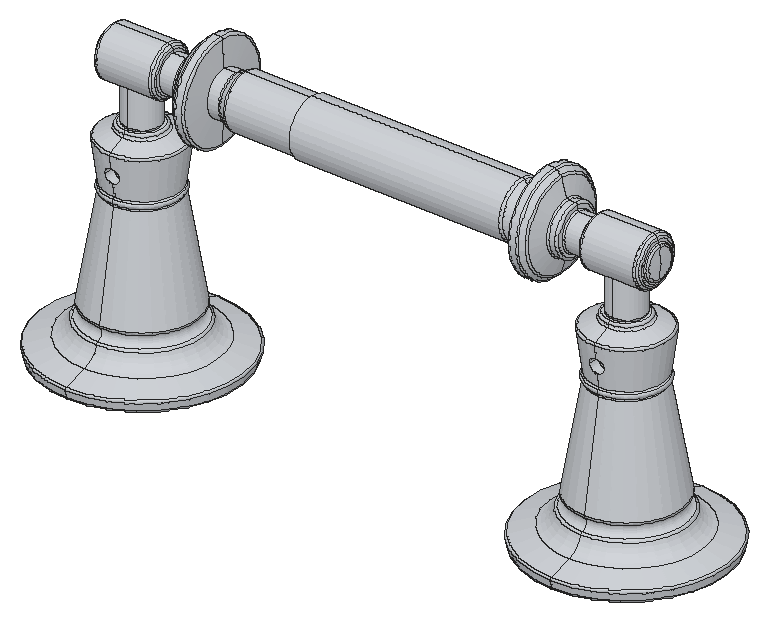
Revit family "Accessory-Tissue_Holder-KOHLER-Archer-K-11054", category Specialty Equipment, host Face, Revit 2015
Parameters (values of type "CP-Polished Chrome")
  Width = 4 1/2"  # constant formula
  URL = "https://www.us.kohler.com/us/"
  Type = 1
  Product Page URL = "http://www.us.kohler.com/us/catalog/productDetails.jsp?productNumber=11054"
  Product Name = "Archer"  # constant formula
  Product Documentation Link = "http://www.us.kohler.com/onlinecatalog/pdf/K-11054_spec.pdf"
  Model = if(Type = 1, "K-11054-CP", if(Type = 2, "K-11054-BN", "NA"))  # "K-11054-CP"
  Material = "Premium Metal Construction"  # constant formula
  MasterFormat 2004 = "10.28.13"  # constant formula
  MasterFormat 1995 = "10820"  # constant formula
  Manufacturer Address = "444 Highland Dr, Kohler, WI 53044"  # constant formula
  Manufacturer = "KOHLER Co."  # constant formula
  Length = 9 3/4"  # constant formula
  Height = 2 3/4"  # constant formula
  Finish = Kohler-Metal-CP-Polished_Chrome
  Environmental Product Declaration = ""
  Description = "Horizontal toilet tissue holder"  # constant formula
  Default Elevation = 42"
  Declare Label = ""
  Date Modified = "11/16/2018"  # constant formula
  Date Created = "11/16/2018"  # constant formula
  Copyright = "Copyright KOHLER Co."  # constant formula
  Contact Us = "https://www.us.kohler.com/us/static/contact.jsp"
  Assembly Code = "C1030200"
  ADA Compliant = 1 = 0  # no
Types (3): name | Type | Model | Finish
  (no name) | 1 | "K-11054-CP" | Kohler-Metal-CP-Polished_Chrome
  CP-Polished Chrome | 1 | "K-11054-CP" | Kohler-Metal-CP-Polished_Chrome
  BN-Vibrant Brushed Nickel | 2 | "K-11054-BN" | Kohler-Metal-BN-Vibrant_Brushed_Nickel
Reference planes (in)
  plane 1 "Center (Front/Back)": y = 0
  plane 2: z = 0
  plane 3 "Center (Left/Right)": x = 0
  plane 4: y = 1.375
  plane 5: y = -1.375
  plane 6: x = -4.875
  plane 7: x = 4.875
  plane 8: z = 4.5
Dimensions and locks (in)
  "Height": plane 4 to plane 5
  "Length": plane 6 to plane 7
  "Width": level to plane 8
  aligned and locked: plane 2 to host face
  aligned and locked: level to host face
  aligned and locked: plane 7 to nested 1
Automatic sketch dimensions
  host sketch curve to host sketch curve = 96"  (x2)
Nested families (in)
  nested 1: "K-11054" at (0, 0, 0), type "K-11054"
Definition of nested family "K-11054"
  Parameters (values of type "K-11054")
    Material = none
  Reference planes (in)
    plane 1 "Center (Front/Back)": y = 0
    plane 2: z = 0
    plane 3 "Center (Left/Right)": x = 0
    plane 4: x = -3.5
    plane 5: x = -4.875
    plane 6: x = 3.5
    plane 7: x = 4.875
    plane 8: y = 1.375
    plane 9: z = 4.5
    plane 10: y = -1.375
    plane 11: x = -2.125
  Forms (in)
    Revolve 1, solid, material <- "Material", detail levels medium+fine
      sketch origin (-3.5, 0, 0) x (0, 1, 0) y (0, 0, 1)
        loop
          line (0, 3.5815) -> (0, 0) -> (1.32649, 0)
          arc (1.32649, 0) -> (1.34107, 0.00507) -> (1.34935, 0.0181) r 0.02349
          line (1.34935, 0.0181) -> (1.37424, 0.12364)
          arc (1.37424, 0.12364) -> (1.37131, 0.14389) -> (1.35535, 0.1567) r 0.02791
          line (1.35535, 0.1567) -> (1.0311, 0.25736)
          arc (1.0311, 0.25736) -> (0.89855, 0.33778) -> (0.81929, 0.47103) r 0.32037
          arc (0.81929, 0.47103) -> (0.80794, 0.49037) -> (0.78897, 0.50232) r 0.04741
          arc (0.78897, 0.50232) -> (0.72523, 0.57049) -> (0.74729, 0.66116) r 0.09818
          arc (0.74729, 0.66116) -> (0.75485, 0.67479) -> (0.75567, 0.69036) r 0.03463
          line (0.75567, 0.69036) -> (0.50202, 2.1289)
          arc (0.50202, 2.1289) -> (0.50369, 2.14506) -> (0.51361, 2.15791) r 0.02965
          arc (0.51361, 2.15791) -> (0.52873, 2.18832) -> (0.51285, 2.21835) r 0.03721
          arc (0.51285, 2.21835) -> (0.50224, 2.23131) -> (0.49998, 2.2479) r 0.03083
          line (0.49998, 2.2479) -> (0.57938, 2.81283)
          arc (0.57938, 2.81283) -> (0.57588, 2.83128) -> (0.56187, 2.84378) r 0.0292
          line (0.56187, 2.84378) -> (0.33809, 2.93877)
          arc (0.33809, 2.93877) -> (0.32141, 2.9539) -> (0.31774, 2.97613) r 0.03423
          arc (0.31774, 2.97613) -> (0.31135, 2.99981) -> (0.28911, 3.01016) r 0.02906
          line (0.28911, 3.01016) -> (0.22948, 3.01016)
          arc (0.22948, 3.01016) -> (0.24399, 3.01617) -> (0.25, 3.03068) r 0.02052
          line (0.25, 3.03068) -> (0.25, 3.5815) -> (0, 3.5815)
        axis (0, 3.5815) -> (0, 0)
      angle from 0 to 360
    Revolve 2, solid, material <- "Material", detail levels medium+fine
      sketch origin (3.5, 0, 0) x (0, 1, 0) y (0, 0, -1)
        loop
          line (0, -3.66021) -> (0.25, -3.66021) -> (0.25, -3.03068)
          arc (0.25, -3.03068) -> (0.24399, -3.01617) -> (0.22948, -3.01016) r 0.02052
          line (0.22948, -3.01016) -> (0.28911, -3.01016)
          arc (0.28911, -3.01016) -> (0.31135, -2.99981) -> (0.31774, -2.97613) r 0.02906
          arc (0.31774, -2.97613) -> (0.32141, -2.9539) -> (0.33809, -2.93877) r 0.03423
          line (0.33809, -2.93877) -> (0.56187, -2.84378)
          arc (0.56187, -2.84378) -> (0.57588, -2.83128) -> (0.57938, -2.81283) r 0.0292
          line (0.57938, -2.81283) -> (0.49998, -2.2479)
          arc (0.49998, -2.2479) -> (0.50224, -2.23131) -> (0.51285, -2.21835) r 0.03083
          arc (0.51285, -2.21835) -> (0.52873, -2.18832) -> (0.51361, -2.15791) r 0.03721
          arc (0.51361, -2.15791) -> (0.50369, -2.14506) -> (0.50202, -2.1289) r 0.02965
          line (0.50202, -2.1289) -> (0.75567, -0.69036)
          arc (0.75567, -0.69036) -> (0.75485, -0.67479) -> (0.74729, -0.66116) r 0.03463
          arc (0.74729, -0.66116) -> (0.72523, -0.57049) -> (0.78897, -0.50232) r 0.09818
          arc (0.78897, -0.50232) -> (0.80794, -0.49037) -> (0.81929, -0.47103) r 0.04741
          arc (0.81929, -0.47103) -> (0.89855, -0.33778) -> (1.0311, -0.25736) r 0.32037
          line (1.0311, -0.25736) -> (1.35535, -0.1567)
          arc (1.35535, -0.1567) -> (1.37131, -0.14389) -> (1.37424, -0.12364) r 0.02791
          line (1.37424, -0.12364) -> (1.34935, -0.0181)
          arc (1.34935, -0.0181) -> (1.34107, -0.00507) -> (1.32649, 0) r 0.02349
          line (1.32649, 0) -> (0, 0) -> (0, -3.66021)
        axis (0, -3.66021) -> (0, 0)
      angle from 0 to 360
    Revolve 3, solid, material <- "Material", detail levels medium+fine
      sketch origin (0, 0, 0) x (1, 0, 0) y (0, 0, 1)
        loop
          line (-3.99249, 3.79756) -> (3.99249, 3.79756)
          arc (3.99249, 3.79756) -> (3.99033, 3.89988) -> (3.98351, 4.002) r 2.24284
          arc (3.98351, 4.002) -> (3.97725, 4.01709) -> (3.96351, 4.02592) r 0.02734
          arc (3.96351, 4.02592) -> (3.94924, 4.03555) -> (3.94373, 4.05186) r 0.0269
          line (3.94373, 4.05186) -> (3.94373, 4.08281)
          arc (3.94373, 4.08281) -> (3.94085, 4.09819) -> (3.93259, 4.11149) r 0.04248
          line (3.93259, 4.11149) -> (3.90693, 4.13953)
          arc (3.90693, 4.13953) -> (3.8935, 4.14916) -> (3.87733, 4.15256) r 0.04012
          line (3.87733, 4.15256) -> (3.12267, 4.15256)
          arc (3.12267, 4.15256) -> (3.1065, 4.14916) -> (3.09307, 4.13953) r 0.04012
          line (3.09307, 4.13953) -> (3.06741, 4.11149)
          arc (3.06741, 4.11149) -> (3.05915, 4.09819) -> (3.05627, 4.08281) r 0.04248
          line (3.05627, 4.08281) -> (3.05627, 4.05196) -> (2.80258, 4.05196)
          arc (2.80258, 4.05196) -> (2.78804, 4.05799) -> (2.78202, 4.07252) r 0.02056
          line (2.78202, 4.07252) -> (2.78202, 4.12252)
          arc (2.78202, 4.12252) -> (2.77323, 4.14375) -> (2.752, 4.15255) r 0.03002
          line (2.752, 4.15255) -> (2.66239, 4.15255)
          arc (2.66239, 4.15255) -> (2.64597, 4.15799) -> (2.63606, 4.17218) r 0.02747
          line (2.63606, 4.17218) -> (2.5668, 4.40497)
          arc (2.5668, 4.40497) -> (2.55958, 4.42093) -> (2.54834, 4.43436) r 0.06473
          line (2.54834, 4.43436) -> (2.48878, 4.48863)
          arc (2.48878, 4.48863) -> (2.47515, 4.49706) -> (2.4594, 4.5) r 0.04362
          line (2.4594, 4.5) -> (2.36551, 4.5)
          arc (2.36551, 4.5) -> (2.34731, 4.49283) -> (2.33889, 4.47518) r 0.02668
          line (2.33889, 4.47518) -> (2.31401, 4.11934) -> (2.14959, 4.11934)
          arc (2.14959, 4.11934) -> (2.12769, 4.12275) -> (2.10787, 4.13265) r 0.07203
          line (2.10787, 4.13265) -> (2.02385, 4.19235)
          arc (2.02385, 4.19235) -> (2.00432, 4.2021) -> (1.98275, 4.20546) r 0.07095
          line (1.98275, 4.20546) -> (-1.04205, 4.20546) -> (-1.04205, 4.17461) -> (-1.99685, 4.17461)
          arc (-1.99685, 4.17461) -> (-2.01377, 4.17253) -> (-2.02968, 4.16642) r 0.06993
          line (-2.02968, 4.16642) -> (-2.11529, 4.12091)
          arc (-2.11529, 4.12091) -> (-2.13044, 4.11509) -> (-2.14655, 4.11311) r 0.06658
          line (-2.14655, 4.11311) -> (-2.31357, 4.11311) -> (-2.33885, 4.47456)
          arc (-2.33885, 4.47456) -> (-2.34748, 4.49265) -> (-2.36612, 4.5) r 0.02734
          line (-2.36612, 4.5) -> (-2.4594, 4.5)
          arc (-2.4594, 4.5) -> (-2.47515, 4.49706) -> (-2.48878, 4.48863) r 0.04362
          line (-2.48878, 4.48863) -> (-2.54834, 4.43436)
          arc (-2.54834, 4.43436) -> (-2.55958, 4.42093) -> (-2.5668, 4.40497) r 0.06473
          line (-2.5668, 4.40497) -> (-2.63606, 4.17218)
          arc (-2.63606, 4.17218) -> (-2.64597, 4.15799) -> (-2.66239, 4.15255) r 0.02747
          line (-2.66239, 4.15255) -> (-2.752, 4.15255)
          arc (-2.752, 4.15255) -> (-2.77323, 4.14375) -> (-2.78202, 4.12252) r 0.03002
          line (-2.78202, 4.12252) -> (-2.78202, 4.07252)
          arc (-2.78202, 4.07252) -> (-2.78804, 4.05799) -> (-2.80258, 4.05196) r 0.02056
          line (-2.80258, 4.05196) -> (-3.05627, 4.05196) -> (-3.05627, 4.08281)
          arc (-3.05627, 4.08281) -> (-3.05915, 4.09819) -> (-3.06741, 4.11149) r 0.04248
          line (-3.06741, 4.11149) -> (-3.09307, 4.13953)
          arc (-3.09307, 4.13953) -> (-3.1065, 4.14916) -> (-3.12267, 4.15256) r 0.04012
          line (-3.12267, 4.15256) -> (-3.87733, 4.15256)
          arc (-3.87733, 4.15256) -> (-3.8935, 4.14916) -> (-3.90693, 4.13953) r 0.04012
          line (-3.90693, 4.13953) -> (-3.93188, 4.11227)
          arc (-3.93188, 4.11227) -> (-3.94014, 4.09897) -> (-3.94302, 4.08359) r 0.04248
          line (-3.94302, 4.08359) -> (-3.94302, 4.05241)
          arc (-3.94302, 4.05241) -> (-3.94864, 4.03579) -> (-3.9632, 4.02602) r 0.02734
          arc (-3.9632, 4.02602) -> (-3.97717, 4.01708) -> (-3.98353, 4.00177) r 0.02768
          arc (-3.98353, 4.00177) -> (-3.99033, 3.89977) -> (-3.99249, 3.79756) r 2.24284
        axis (-3.99249, 3.79756) -> (3.99249, 3.79756)
      angle from 0 to 360
    Extrusion 4, void
      sketch origin (0, 0, 0) x (1, 0, 0) y (0, 0, 1)
        loop
          circle (-3.5, 2.53238) r 0.10661
        loop
          circle (3.5, 2.53238) r 0.10661
      from 0.38134 to 1.0154
    Revolve 5, solid, material <- "Material", detail levels coarse
      sketch origin (0, 0, 0) x (1, 0, 0) y (0, 0, 1)
        loop
          line (-3.5, 0) -> (-3.5, 3.70845) -> (-3.91151, 3.70845) -> (-3.91151, 0.1567) -> (-4.85537, 0.1567) -> (-4.85537, 0) -> (-3.5, 0)
        axis (-3.5, 3.70845) -> (-3.5, 0)
      angle from 0 to 360
    Revolve 6, solid, material <- "Material", detail levels coarse
      sketch origin (0, 0, 0) x (1, 0, 0) y (0, 0, 1)
        loop
          line (-4.002, 3.79756) -> (4.002, 3.79756) -> (4.002, 4.22286) -> (2.752, 4.22286) -> (2.752, 4.5) -> (2.29664, 4.5) -> (2.29664, 4.20546) -> (-2.29664, 4.20546) -> (-2.29664, 4.5) -> (-2.752, 4.5) -> (-2.752, 4.22286) -> (-4.002, 4.22286) -> (-4.002, 3.79756)
        axis (-4.002, 3.79756) -> (4.002, 3.79756)
      angle from 0 to 360
    Revolve 7, solid, material <- "Material", detail levels coarse
      sketch origin (0, 0, 0) x (-1, 0, 0) y (0, 0, 1)
        loop
          line (-3.5, 0) -> (-3.5, 3.70845) -> (-3.91151, 3.70845) -> (-3.91151, 0.1567) -> (-4.85537, 0.1567) -> (-4.85537, 0) -> (-3.5, 0)
        axis (-3.5, 3.70845) -> (-3.5, 0)
      angle from 0 to 360
  Cuts and joins
    Extrusion 4 cuts Revolve 1
    Extrusion 4 cuts Revolve 2
    joined: Revolve 1, Revolve 2, Revolve 3
    joined: Revolve 5, Revolve 6, Revolve 7
  Lines and regions (in)
    Masking region 1
      outline origin (0, 0, 0) x (1, 0, 0) y (0, 1, 0)
        loop
          arc (-4.875, 0) -> (-4.47227, -0.97227) -> (-3.5, -1.375) r 1.375
          arc (-3.5, -1.375) -> (-2.65641, -1.08581) -> (-2.16767, -0.33989) r 1.375
          arc (-2.16767, -0.33989) -> (-2.14977, -0.31873) -> (-2.12207, -0.31974) r 0.0317
          line (-2.12207, -0.31974) -> (-2.0298, -0.3688)
          arc (-2.0298, -0.3688) -> (-2.01377, -0.37495) -> (-1.99672, -0.37705) r 0.07046
          line (-1.99672, -0.37705) -> (-1.04205, -0.37705) -> (-1.04205, -0.4079) -> (1.97679, -0.4079)
          arc (1.97679, -0.4079) -> (2.00325, -0.40383) -> (2.02725, -0.39199) r 0.08798
          line (2.02725, -0.39199) -> (2.11762, -0.32871)
          arc (2.11762, -0.32871) -> (2.14868, -0.32467) -> (2.16973, -0.34785) r 0.03381
          arc (2.16973, -0.34785) -> (2.65966, -1.08833) -> (3.5, -1.375) r 1.375
          arc (3.5, -1.375) -> (4.47227, -0.97227) -> (4.875, 0) r 1.375
          arc (4.875, 0) -> (4.47227, 0.97227) -> (3.5, 1.375) r 1.375
          arc (3.5, 1.375) -> (2.65966, 1.08833) -> (2.16973, 0.34785) r 1.375
          arc (2.16973, 0.34785) -> (2.14868, 0.32467) -> (2.11762, 0.32871) r 0.03381
          line (2.11762, 0.32871) -> (2.02725, 0.39199)
          arc (2.02725, 0.39199) -> (2.00325, 0.40383) -> (1.97679, 0.4079) r 0.08798
          line (1.97679, 0.4079) -> (-1.04205, 0.4079) -> (-1.04205, 0.37705) -> (-1.99672, 0.37705)
          arc (-1.99672, 0.37705) -> (-2.01377, 0.37495) -> (-2.0298, 0.3688) r 0.07046
          line (-2.0298, 0.3688) -> (-2.12207, 0.31974)
          arc (-2.12207, 0.31974) -> (-2.14977, 0.31873) -> (-2.16767, 0.33989) r 0.0317
          arc (-2.16767, 0.33989) -> (-2.65641, 1.08581) -> (-3.5, 1.375) r 1.375
          arc (-3.5, 1.375) -> (-4.47227, 0.97227) -> (-4.875, 0) r 1.375
    Masking region 2
      outline origin (0, 0, 0) x (0, 1, 0) y (0, 0, 1)
        loop
          arc (1.32649, 0) -> (1.34112, 0.00512) -> (1.34938, 0.01824) r 0.02349
          line (1.34938, 0.01824) -> (1.375, 0.12991)
          arc (1.375, 0.12991) -> (1.37019, 0.14698) -> (1.35535, 0.1567) r 0.02529
          line (1.35535, 0.1567) -> (1.0311, 0.25736)
          arc (1.0311, 0.25736) -> (0.89855, 0.33778) -> (0.81929, 0.47103) r 0.32037
          arc (0.81929, 0.47103) -> (0.80794, 0.49037) -> (0.78897, 0.50232) r 0.04741
          arc (0.78897, 0.50232) -> (0.72523, 0.57049) -> (0.74729, 0.66116) r 0.09818
          arc (0.74729, 0.66116) -> (0.75485, 0.67479) -> (0.75567, 0.69036) r 0.03463
          line (0.75567, 0.69036) -> (0.50202, 2.1289)
          arc (0.50202, 2.1289) -> (0.50369, 2.14506) -> (0.51361, 2.15791) r 0.02965
          arc (0.51361, 2.15791) -> (0.52873, 2.18832) -> (0.51285, 2.21835) r 0.03721
          arc (0.51285, 2.21835) -> (0.50224, 2.23131) -> (0.49998, 2.2479) r 0.03083
          line (0.49998, 2.2479) -> (0.57938, 2.81283)
          arc (0.57938, 2.81283) -> (0.57588, 2.83128) -> (0.56187, 2.84378) r 0.0292
          line (0.56187, 2.84378) -> (0.33809, 2.93877)
          arc (0.33809, 2.93877) -> (0.32141, 2.9539) -> (0.31774, 2.97613) r 0.03423
          arc (0.31774, 2.97613) -> (0.31135, 2.99981) -> (0.28911, 3.01016) r 0.02906
          line (0.28911, 3.01016) -> (0.22948, 3.01016)
          arc (0.22948, 3.01016) -> (0.24399, 3.01617) -> (0.25, 3.03068) r 0.02052
          line (0.25, 3.03068) -> (0.25, 3.1412)
          arc (0.25, 3.1412) -> (0.69081, 3.9247) -> (0, 4.5) r 0.7024
          arc (0, 4.5) -> (-0.69081, 3.9247) -> (-0.25, 3.1412) r 0.7024
          line (-0.25, 3.1412) -> (-0.25, 3.03068)
          arc (-0.25, 3.03068) -> (-0.24399, 3.01617) -> (-0.22948, 3.01016) r 0.02052
          line (-0.22948, 3.01016) -> (-0.28911, 3.01016)
          arc (-0.28911, 3.01016) -> (-0.31135, 2.99981) -> (-0.31774, 2.97613) r 0.02906
          arc (-0.31774, 2.97613) -> (-0.32141, 2.9539) -> (-0.33809, 2.93877) r 0.03423
          line (-0.33809, 2.93877) -> (-0.56187, 2.84378)
          arc (-0.56187, 2.84378) -> (-0.57588, 2.83128) -> (-0.57938, 2.81283) r 0.0292
          line (-0.57938, 2.81283) -> (-0.49998, 2.2479)
          arc (-0.49998, 2.2479) -> (-0.50224, 2.23131) -> (-0.51285, 2.21835) r 0.03083
          arc (-0.51285, 2.21835) -> (-0.52873, 2.18832) -> (-0.51361, 2.15791) r 0.03721
          arc (-0.51361, 2.15791) -> (-0.50369, 2.14506) -> (-0.50202, 2.1289) r 0.02965
          line (-0.50202, 2.1289) -> (-0.75567, 0.69036)
          arc (-0.75567, 0.69036) -> (-0.75485, 0.67479) -> (-0.74729, 0.66116) r 0.03463
          arc (-0.74729, 0.66116) -> (-0.72523, 0.57049) -> (-0.78897, 0.50232) r 0.09818
          arc (-0.78897, 0.50232) -> (-0.80794, 0.49037) -> (-0.81929, 0.47103) r 0.04741
          arc (-0.81929, 0.47103) -> (-0.89855, 0.33778) -> (-1.0311, 0.25736) r 0.32037
          line (-1.0311, 0.25736) -> (-1.35535, 0.1567)
          arc (-1.35535, 0.1567) -> (-1.37019, 0.14698) -> (-1.375, 0.12991) r 0.02529
          line (-1.375, 0.12991) -> (-1.34938, 0.01824)
          arc (-1.34938, 0.01824) -> (-1.34112, 0.00512) -> (-1.32649, 0) r 0.02349
          line (-1.32649, 0) -> (1.32649, 0)
    Masking region 3
      outline origin (0, 0, 0) x (1, 0, 0) y (0, 0, 1)
        loop
          line (-4.8265, 0) -> (-2.1735, 0)
          arc (-2.1735, 0) -> (-2.15892, 0.00507) -> (-2.15064, 0.0181) r 0.02349
          line (-2.15064, 0.0181) -> (-2.125, 0.13157)
          arc (-2.125, 0.13157) -> (-2.13088, 0.1472) -> (-2.14463, 0.1567) r 0.02797
          line (-2.14463, 0.1567) -> (-2.46888, 0.25736)
          arc (-2.46888, 0.25736) -> (-2.60143, 0.33778) -> (-2.68069, 0.47103) r 0.32037
          arc (-2.68069, 0.47103) -> (-2.69205, 0.49037) -> (-2.71102, 0.50232) r 0.04741
          arc (-2.71102, 0.50232) -> (-2.77475, 0.57049) -> (-2.7527, 0.66116) r 0.09818
          arc (-2.7527, 0.66116) -> (-2.74513, 0.67479) -> (-2.74431, 0.69036) r 0.03463
          line (-2.74431, 0.69036) -> (-2.99797, 2.1289)
          arc (-2.99797, 2.1289) -> (-2.9963, 2.14506) -> (-2.98637, 2.15791) r 0.02965
          arc (-2.98637, 2.15791) -> (-2.97126, 2.18832) -> (-2.98714, 2.21835) r 0.03721
          arc (-2.98714, 2.21835) -> (-2.99774, 2.23131) -> (-3, 2.2479) r 0.03083
          line (-3, 2.2479) -> (-2.92061, 2.81283)
          arc (-2.92061, 2.81283) -> (-2.92411, 2.83128) -> (-2.93812, 2.84378) r 0.0292
          line (-2.93812, 2.84378) -> (-3.1619, 2.93877)
          arc (-3.1619, 2.93877) -> (-3.17858, 2.9539) -> (-3.18224, 2.97613) r 0.03423
          arc (-3.18224, 2.97613) -> (-3.18864, 2.99981) -> (-3.21088, 3.01016) r 0.02906
          line (-3.21088, 3.01016) -> (-3.2705, 3.01016)
          arc (-3.2705, 3.01016) -> (-3.25599, 3.01617) -> (-3.24998, 3.03068) r 0.02052
          line (-3.24998, 3.03068) -> (-3.24998, 3.44256) -> (-3.12267, 3.44256)
          arc (-3.12267, 3.44256) -> (-3.10649, 3.44597) -> (-3.09307, 3.4556) r 0.04012
          line (-3.09307, 3.4556) -> (-3.0674, 3.48364)
          arc (-3.0674, 3.48364) -> (-3.05915, 3.49694) -> (-3.05626, 3.51232) r 0.04248
          line (-3.05626, 3.51232) -> (-3.05626, 3.54316) -> (-2.80257, 3.54316)
          arc (-2.80257, 3.54316) -> (-2.78804, 3.53714) -> (-2.78202, 3.52261) r 0.02056
          line (-2.78202, 3.52261) -> (-2.78202, 3.4726)
          arc (-2.78202, 3.4726) -> (-2.77322, 3.45138) -> (-2.752, 3.44258) r 0.03002
          line (-2.752, 3.44258) -> (-2.66238, 3.44258)
          arc (-2.66238, 3.44258) -> (-2.64596, 3.43713) -> (-2.63606, 3.42295) r 0.02747
          line (-2.63606, 3.42295) -> (-2.56679, 3.19015)
          arc (-2.56679, 3.19015) -> (-2.55957, 3.1742) -> (-2.54834, 3.16076) r 0.06473
          line (-2.54834, 3.16076) -> (-2.48877, 3.1065)
          arc (-2.48877, 3.1065) -> (-2.47515, 3.09807) -> (-2.4594, 3.09513) r 0.04362
          line (-2.4594, 3.09513) -> (-2.36612, 3.09513)
          arc (-2.36612, 3.09513) -> (-2.34747, 3.10247) -> (-2.33884, 3.12056) r 0.02734
          line (-2.33884, 3.12056) -> (-2.31357, 3.48201) -> (-2.14654, 3.48201)
          arc (-2.14654, 3.48201) -> (-2.13043, 3.48004) -> (-2.11528, 3.47422) r 0.06658
          line (-2.11528, 3.47422) -> (-2.02968, 3.4287)
          arc (-2.02968, 3.4287) -> (-2.01377, 3.42259) -> (-1.99685, 3.42052) r 0.06993
          line (-1.99685, 3.42052) -> (-1.04205, 3.42052) -> (-1.04205, 3.38967) -> (1.98276, 3.38967)
          arc (1.98276, 3.38967) -> (2.00432, 3.39302) -> (2.02385, 3.40278) r 0.07095
          line (2.02385, 3.40278) -> (2.10787, 3.46248)
          arc (2.10787, 3.46248) -> (2.12769, 3.47238) -> (2.14959, 3.47579) r 0.07203
          line (2.14959, 3.47579) -> (2.31401, 3.47579) -> (2.33889, 3.11995)
          arc (2.33889, 3.11995) -> (2.34731, 3.1023) -> (2.36551, 3.09513) r 0.02668
          line (2.36551, 3.09513) -> (2.4594, 3.09513)
          arc (2.4594, 3.09513) -> (2.47515, 3.09807) -> (2.48878, 3.1065) r 0.04362
          line (2.48878, 3.1065) -> (2.54835, 3.16076)
          arc (2.54835, 3.16076) -> (2.55958, 3.1742) -> (2.5668, 3.19015) r 0.06473
          line (2.5668, 3.19015) -> (2.63607, 3.42295)
          arc (2.63607, 3.42295) -> (2.64597, 3.43713) -> (2.66239, 3.44258) r 0.02747
          line (2.66239, 3.44258) -> (2.752, 3.44258)
          arc (2.752, 3.44258) -> (2.77323, 3.45138) -> (2.78202, 3.4726) r 0.03002
          line (2.78202, 3.4726) -> (2.78202, 3.52261)
          arc (2.78202, 3.52261) -> (2.78804, 3.53714) -> (2.80258, 3.54316) r 0.02056
          line (2.80258, 3.54316) -> (3.05627, 3.54316) -> (3.05627, 3.51232)
          arc (3.05627, 3.51232) -> (3.05915, 3.49694) -> (3.06741, 3.48364) r 0.04248
          line (3.06741, 3.48364) -> (3.09307, 3.4556)
          arc (3.09307, 3.4556) -> (3.1065, 3.44597) -> (3.12267, 3.44256) r 0.04012
          line (3.12267, 3.44256) -> (3.24998, 3.44256) -> (3.24998, 3.03068)
          arc (3.24998, 3.03068) -> (3.25599, 3.01617) -> (3.2705, 3.01016) r 0.02052
          line (3.2705, 3.01016) -> (3.21088, 3.01016)
          arc (3.21088, 3.01016) -> (3.18864, 2.99981) -> (3.18224, 2.97613) r 0.02906
          arc (3.18224, 2.97613) -> (3.17858, 2.9539) -> (3.1619, 2.93877) r 0.03423
          line (3.1619, 2.93877) -> (2.93812, 2.84378)
          arc (2.93812, 2.84378) -> (2.92411, 2.83128) -> (2.92061, 2.81283) r 0.0292
          line (2.92061, 2.81283) -> (3, 2.2479)
          arc (3, 2.2479) -> (2.99774, 2.23131) -> (2.98714, 2.21835) r 0.03083
          arc (2.98714, 2.21835) -> (2.97126, 2.18832) -> (2.98637, 2.15791) r 0.03721
          arc (2.98637, 2.15791) -> (2.9963, 2.14506) -> (2.99797, 2.1289) r 0.02965
          line (2.99797, 2.1289) -> (2.74431, 0.69036)
          arc (2.74431, 0.69036) -> (2.74513, 0.67479) -> (2.7527, 0.66116) r 0.03463
          arc (2.7527, 0.66116) -> (2.77475, 0.57049) -> (2.71102, 0.50232) r 0.09818
          arc (2.71102, 0.50232) -> (2.69205, 0.49037) -> (2.68069, 0.47103) r 0.04741
          arc (2.68069, 0.47103) -> (2.60143, 0.33778) -> (2.46888, 0.25736) r 0.32037
          line (2.46888, 0.25736) -> (2.14463, 0.1567)
          arc (2.14463, 0.1567) -> (2.13088, 0.1472) -> (2.125, 0.13157) r 0.02797
          line (2.125, 0.13157) -> (2.15064, 0.0181)
          arc (2.15064, 0.0181) -> (2.15892, 0.00507) -> (2.1735, 0) r 0.02349
          line (2.1735, 0) -> (4.8265, 0)
          arc (4.8265, 0) -> (4.84108, 0.00507) -> (4.84936, 0.0181) r 0.02349
          line (4.84936, 0.0181) -> (4.875, 0.13157)
          arc (4.875, 0.13157) -> (4.86912, 0.1472) -> (4.85537, 0.1567) r 0.02797
          line (4.85537, 0.1567) -> (4.53112, 0.25736)
          arc (4.53112, 0.25736) -> (4.39857, 0.33778) -> (4.31931, 0.47103) r 0.32037
          arc (4.31931, 0.47103) -> (4.30795, 0.49037) -> (4.28898, 0.50232) r 0.04741
          arc (4.28898, 0.50232) -> (4.22525, 0.57049) -> (4.2473, 0.66116) r 0.09818
          arc (4.2473, 0.66116) -> (4.25487, 0.67479) -> (4.25569, 0.69036) r 0.03463
          line (4.25569, 0.69036) -> (4.00203, 2.1289)
          arc (4.00203, 2.1289) -> (4.0037, 2.14506) -> (4.01363, 2.15791) r 0.02965
          arc (4.01363, 2.15791) -> (4.02874, 2.18832) -> (4.01286, 2.21835) r 0.03721
          arc (4.01286, 2.21835) -> (4.00226, 2.23131) -> (4, 2.2479) r 0.03083
          line (4, 2.2479) -> (4.07939, 2.81283)
          arc (4.07939, 2.81283) -> (4.07589, 2.83128) -> (4.06188, 2.84378) r 0.0292
          line (4.06188, 2.84378) -> (3.8381, 2.93877)
          arc (3.8381, 2.93877) -> (3.82142, 2.9539) -> (3.81776, 2.97613) r 0.03423
          arc (3.81776, 2.97613) -> (3.81136, 2.99981) -> (3.78912, 3.01016) r 0.02906
          line (3.78912, 3.01016) -> (3.7295, 3.01016)
          arc (3.7295, 3.01016) -> (3.74401, 3.01617) -> (3.75002, 3.03068) r 0.02052
          line (3.75002, 3.03068) -> (3.75002, 3.44256) -> (3.87733, 3.44256)
          arc (3.87733, 3.44256) -> (3.89351, 3.44597) -> (3.90693, 3.4556) r 0.04012
          line (3.90693, 3.4556) -> (3.9326, 3.48364)
          arc (3.9326, 3.48364) -> (3.94085, 3.49694) -> (3.94374, 3.51232) r 0.04248
          line (3.94374, 3.51232) -> (3.94374, 3.54326)
          arc (3.94374, 3.54326) -> (3.94925, 3.55957) -> (3.96352, 3.56921) r 0.0269
          arc (3.96352, 3.56921) -> (3.97726, 3.57804) -> (3.98351, 3.59313) r 0.02734
          arc (3.98351, 3.59313) -> (3.99033, 3.69524) -> (3.99249, 3.79756) r 2.24284
          arc (3.99249, 3.79756) -> (3.99033, 3.89988) -> (3.98351, 4.002) r 2.24284
          arc (3.98351, 4.002) -> (3.97726, 4.01709) -> (3.96352, 4.02592) r 0.02734
          arc (3.96352, 4.02592) -> (3.94925, 4.03555) -> (3.94374, 4.05186) r 0.0269
          line (3.94374, 4.05186) -> (3.94374, 4.08281)
          arc (3.94374, 4.08281) -> (3.94085, 4.09819) -> (3.9326, 4.11149) r 0.04248
          line (3.9326, 4.11149) -> (3.90693, 4.13953)
          arc (3.90693, 4.13953) -> (3.89351, 4.14916) -> (3.87733, 4.15256) r 0.04012
          line (3.87733, 4.15256) -> (3.12267, 4.15256)
          arc (3.12267, 4.15256) -> (3.1065, 4.14916) -> (3.09307, 4.13953) r 0.04012
          line (3.09307, 4.13953) -> (3.06741, 4.11149)
          arc (3.06741, 4.11149) -> (3.05915, 4.09819) -> (3.05627, 4.08281) r 0.04248
          line (3.05627, 4.08281) -> (3.05627, 4.05196) -> (2.80258, 4.05196)
          arc (2.80258, 4.05196) -> (2.78804, 4.05799) -> (2.78202, 4.07252) r 0.02056
          line (2.78202, 4.07252) -> (2.78202, 4.12252)
          arc (2.78202, 4.12252) -> (2.77323, 4.14375) -> (2.752, 4.15255) r 0.03002
          line (2.752, 4.15255) -> (2.66239, 4.15255)
          arc (2.66239, 4.15255) -> (2.64597, 4.15799) -> (2.63607, 4.17218) r 0.02747
          line (2.63607, 4.17218) -> (2.5668, 4.40497)
          arc (2.5668, 4.40497) -> (2.55958, 4.42093) -> (2.54835, 4.43436) r 0.06473
          line (2.54835, 4.43436) -> (2.48878, 4.48863)
          arc (2.48878, 4.48863) -> (2.47515, 4.49706) -> (2.4594, 4.5) r 0.04362
          line (2.4594, 4.5) -> (2.36551, 4.5)
          arc (2.36551, 4.5) -> (2.34731, 4.49283) -> (2.33889, 4.47518) r 0.02668
          line (2.33889, 4.47518) -> (2.31401, 4.11934) -> (2.14959, 4.11934)
          arc (2.14959, 4.11934) -> (2.12769, 4.12275) -> (2.10787, 4.13265) r 0.07203
          line (2.10787, 4.13265) -> (2.02385, 4.19235)
          arc (2.02385, 4.19235) -> (2.00432, 4.2021) -> (1.98276, 4.20546) r 0.07095
          line (1.98276, 4.20546) -> (-1.04205, 4.20546) -> (-1.04205, 4.17461) -> (-1.99685, 4.17461)
          arc (-1.99685, 4.17461) -> (-2.01377, 4.17253) -> (-2.02968, 4.16642) r 0.06993
          line (-2.02968, 4.16642) -> (-2.11528, 4.12091)
          arc (-2.11528, 4.12091) -> (-2.13043, 4.11509) -> (-2.14654, 4.11311) r 0.06658
          line (-2.14654, 4.11311) -> (-2.31357, 4.11311) -> (-2.33884, 4.47456)
          arc (-2.33884, 4.47456) -> (-2.34747, 4.49265) -> (-2.36612, 4.5) r 0.02734
          line (-2.36612, 4.5) -> (-2.4594, 4.5)
          arc (-2.4594, 4.5) -> (-2.47515, 4.49706) -> (-2.48877, 4.48863) r 0.04362
          line (-2.48877, 4.48863) -> (-2.54834, 4.43436)
          arc (-2.54834, 4.43436) -> (-2.55957, 4.42093) -> (-2.56679, 4.40497) r 0.06473
          line (-2.56679, 4.40497) -> (-2.63606, 4.17218)
          arc (-2.63606, 4.17218) -> (-2.64596, 4.15799) -> (-2.66238, 4.15255) r 0.02747
          line (-2.66238, 4.15255) -> (-2.752, 4.15255)
          arc (-2.752, 4.15255) -> (-2.77322, 4.14375) -> (-2.78202, 4.12252) r 0.03002
          line (-2.78202, 4.12252) -> (-2.78202, 4.07252)
          arc (-2.78202, 4.07252) -> (-2.78804, 4.05799) -> (-2.80257, 4.05196) r 0.02056
          line (-2.80257, 4.05196) -> (-3.05626, 4.05196) -> (-3.05626, 4.08281)
          arc (-3.05626, 4.08281) -> (-3.05915, 4.09819) -> (-3.0674, 4.11149) r 0.04248
          line (-3.0674, 4.11149) -> (-3.09307, 4.13953)
          arc (-3.09307, 4.13953) -> (-3.10649, 4.14916) -> (-3.12267, 4.15256) r 0.04012
          line (-3.12267, 4.15256) -> (-3.87733, 4.15256)
          arc (-3.87733, 4.15256) -> (-3.8935, 4.14916) -> (-3.90693, 4.13953) r 0.04012
          line (-3.90693, 4.13953) -> (-3.93188, 4.11227)
          arc (-3.93188, 4.11227) -> (-3.94013, 4.09897) -> (-3.94302, 4.08359) r 0.04248
          line (-3.94302, 4.08359) -> (-3.94302, 4.05241)
          arc (-3.94302, 4.05241) -> (-3.94864, 4.03579) -> (-3.9632, 4.02602) r 0.02734
          arc (-3.9632, 4.02602) -> (-3.97717, 4.01708) -> (-3.98352, 4.00177) r 0.02768
          arc (-3.98352, 4.00177) -> (-3.99033, 3.89977) -> (-3.99248, 3.79756) r 2.24284
          arc (-3.99248, 3.79756) -> (-3.99033, 3.69536) -> (-3.98352, 3.59335) r 2.24284
          arc (-3.98352, 3.59335) -> (-3.97717, 3.57804) -> (-3.9632, 3.56911) r 0.02768
          arc (-3.9632, 3.56911) -> (-3.94864, 3.55933) -> (-3.94302, 3.54272) r 0.02734
          line (-3.94302, 3.54272) -> (-3.94302, 3.51154)
          arc (-3.94302, 3.51154) -> (-3.94013, 3.49616) -> (-3.93188, 3.48286) r 0.04248
          line (-3.93188, 3.48286) -> (-3.90693, 3.4556)
          arc (-3.90693, 3.4556) -> (-3.8935, 3.44597) -> (-3.87733, 3.44256) r 0.04012
          line (-3.87733, 3.44256) -> (-3.75002, 3.44256) -> (-3.75002, 3.03068)
          arc (-3.75002, 3.03068) -> (-3.74401, 3.01617) -> (-3.7295, 3.01016) r 0.02052
          line (-3.7295, 3.01016) -> (-3.78912, 3.01016)
          arc (-3.78912, 3.01016) -> (-3.81136, 2.99981) -> (-3.81776, 2.97613) r 0.02906
          arc (-3.81776, 2.97613) -> (-3.82142, 2.9539) -> (-3.8381, 2.93877) r 0.03423
          line (-3.8381, 2.93877) -> (-4.06188, 2.84378)
          arc (-4.06188, 2.84378) -> (-4.07589, 2.83128) -> (-4.07939, 2.81283) r 0.0292
          line (-4.07939, 2.81283) -> (-4, 2.2479)
          arc (-4, 2.2479) -> (-4.00226, 2.23131) -> (-4.01286, 2.21835) r 0.03083
          arc (-4.01286, 2.21835) -> (-4.02874, 2.18832) -> (-4.01363, 2.15791) r 0.03721
          arc (-4.01363, 2.15791) -> (-4.0037, 2.14506) -> (-4.00203, 2.1289) r 0.02965
          line (-4.00203, 2.1289) -> (-4.25569, 0.69036)
          arc (-4.25569, 0.69036) -> (-4.25487, 0.67479) -> (-4.2473, 0.66116) r 0.03463
          arc (-4.2473, 0.66116) -> (-4.22525, 0.57049) -> (-4.28898, 0.50232) r 0.09818
          arc (-4.28898, 0.50232) -> (-4.30795, 0.49037) -> (-4.31931, 0.47103) r 0.04741
          arc (-4.31931, 0.47103) -> (-4.39857, 0.33778) -> (-4.53112, 0.25736) r 0.32037
          line (-4.53112, 0.25736) -> (-4.85537, 0.1567)
          arc (-4.85537, 0.1567) -> (-4.86912, 0.1472) -> (-4.875, 0.13157) r 0.02797
          line (-4.875, 0.13157) -> (-4.84936, 0.0181)
          arc (-4.84936, 0.0181) -> (-4.84108, 0.00507) -> (-4.8265, 0) r 0.02349
    symbolic lines, detail levels medium+fine
      curve 1: arc (-3.98418, -0.2055, 0) -> (-3.99199, -0.00114, 0) -> (-3.9834, 0.20319, 0) r 2.55076
      curve 2: line (-3.94302, 0.25409, 0) -> (-3.94302, 0.28805, 0)
      curve 3: arc (-3.96196, 0.22914, 0) -> (-3.94829, 0.23842, 0) -> (-3.94302, 0.25409, 0) r 0.0259
      curve 4: arc (-3.9834, 0.20319, 0) -> (-3.97676, 0.21953, 0) -> (-3.96196, 0.22914, 0) r 0.02945
      curve 5: line (-3.93364, 0.31247, 0) -> (-3.90786, 0.34111, 0)
      curve 6: line (-3.87655, 0.35504, 0) -> (-3.12714, 0.35504, 0)
      curve 7: arc (-3.94302, 0.28805, 0) -> (-3.94059, 0.30113, 0) -> (-3.93364, 0.31247, 0) r 0.03651
      curve 8: arc (-3.90786, 0.34111, 0) -> (-3.89369, 0.3514, 0) -> (-3.87655, 0.35504, 0) r 0.04213
      curve 9: line (-3.06636, 0.31247, 0) -> (-3.09214, 0.34111, 0)
      curve 10: arc (-3.05698, 0.28805, 0) -> (-3.05941, 0.30113, 0) -> (-3.06636, 0.31247, 0) r 0.03651
      curve 11: arc (-3.09214, 0.34111, 0) -> (-3.10631, 0.3514, 0) -> (-3.12345, 0.35504, 0) r 0.04213
      curve 12: line (-3.05698, 0.25373, 0) -> (-2.80367, 0.25373, 0)
      curve 13: line (-2.78191, 0.27549, 0) -> (-2.78191, 0.32482, 0)
      curve 14: line (-2.75168, 0.35504, 0) -> (-2.66402, 0.35504, 0)
      curve 15: line (-2.63594, 0.37598, 0) -> (-2.5692, 0.6001, 0)
      curve 16: line (-2.54372, 0.64075, 0) -> (-2.48689, 0.6927, 0)
      curve 17: line (-2.4619, 0.7024, 0) -> (-2.3667, 0.7024, 0)
      curve 18: line (-2.33863, 0.67621, 0) -> (-2.31374, 0.31799, 0)
      curve 19: line (-2.31374, 0.31799, 0) -> (-2.14747, 0.31799, 0)
      curve 20: arc (-2.80367, 0.25373, 0) -> (-2.78828, 0.2601, 0) -> (-2.78191, 0.27549, 0) r 0.02175
      curve 21: arc (-2.78191, 0.32482, 0) -> (-2.77306, 0.34619, 0) -> (-2.75168, 0.35504, 0) r 0.03023
      curve 22: arc (-2.66402, 0.35504, 0) -> (-2.64651, 0.36085, 0) -> (-2.63594, 0.37598, 0) r 0.0293
      curve 23: arc (-2.5692, 0.6001, 0) -> (-2.55923, 0.62216, 0) -> (-2.54372, 0.64075, 0) r 0.08979
      curve 24: arc (-2.48689, 0.6927, 0) -> (-2.4753, 0.69989, 0) -> (-2.4619, 0.7024, 0) r 0.03704
      curve 25: arc (-2.3667, 0.7024, 0) -> (-2.3475, 0.69484, 0) -> (-2.33863, 0.67621, 0) r 0.02814
      curve 26: line (-3.94302, -0.25409, 0) -> (-3.94302, -0.28805, 0)
      curve 27: arc (-3.96196, -0.22914, 0) -> (-3.94829, -0.23842, 0) -> (-3.94302, -0.25409, 0) r 0.0259
      curve 28: arc (-3.9834, -0.20319, 0) -> (-3.97676, -0.21953, 0) -> (-3.96196, -0.22914, 0) r 0.02945
      curve 29: line (-3.93364, -0.31247, 0) -> (-3.90786, -0.34111, 0)
      curve 30: line (-3.87655, -0.35504, 0) -> (-3.12345, -0.35504, 0)
      curve 31: arc (-3.94302, -0.28805, 0) -> (-3.94059, -0.30113, 0) -> (-3.93364, -0.31247, 0) r 0.03651
      curve 32: arc (-3.90786, -0.34111, 0) -> (-3.89369, -0.3514, 0) -> (-3.87655, -0.35504, 0) r 0.04213
      curve 33: line (-3.06636, -0.31247, 0) -> (-3.09214, -0.34111, 0)
      curve 34: arc (-3.05698, -0.28805, 0) -> (-3.05941, -0.30113, 0) -> (-3.06636, -0.31247, 0) r 0.03651
      curve 35: arc (-3.09214, -0.34111, 0) -> (-3.10631, -0.3514, 0) -> (-3.12345, -0.35504, 0) r 0.04213
      curve 36: line (-3.05698, -0.25373, 0) -> (-2.80367, -0.25373, 0)
      curve 37: line (-2.78191, -0.27549, 0) -> (-2.78191, -0.32482, 0)
      curve 38: line (-2.75168, -0.35504, 0) -> (-2.66402, -0.35504, 0)
      curve 39: line (-2.63594, -0.37598, 0) -> (-2.5692, -0.6001, 0)
      curve 40: line (-2.54372, -0.64075, 0) -> (-2.48689, -0.6927, 0)
      curve 41: line (-2.4619, -0.7024, 0) -> (-2.3667, -0.7024, 0)
      curve 42: line (-2.33863, -0.67621, 0) -> (-2.31374, -0.31799, 0)
      curve 43: arc (-2.80367, -0.25373, 0) -> (-2.78828, -0.2601, 0) -> (-2.78191, -0.27549, 0) r 0.02175
      curve 44: arc (-2.78191, -0.32482, 0) -> (-2.77306, -0.34619, 0) -> (-2.75168, -0.35504, 0) r 0.03023
      curve 45: arc (-2.66402, -0.35504, 0) -> (-2.64651, -0.36085, 0) -> (-2.63594, -0.37598, 0) r 0.0293
      curve 46: arc (-2.5692, -0.6001, 0) -> (-2.55923, -0.62216, 0) -> (-2.54372, -0.64075, 0) r 0.08979
      curve 47: arc (-2.48689, -0.6927, 0) -> (-2.4753, -0.69989, 0) -> (-2.4619, -0.7024, 0) r 0.03704
      curve 48: arc (-2.3667, -0.7024, 0) -> (-2.3475, -0.69484, 0) -> (-2.33863, -0.67621, 0) r 0.02814
      curve 49: line (-2.31374, -0.31799, 0) -> (-2.14747, -0.31799, 0)
      curve 50: line (-3.94302, 0.25409, 0) -> (-3.94302, -0.25409, 0)
      curve 51: line (-2.78191, 0.27549, 0) -> (-2.78191, -0.27549, 0)
      curve 52: line (-2.31374, 0.31799, 0) -> (-2.31374, -0.31799, 0)
      curve 53: line (-2.66402, 0.35504, 0) -> (-2.66402, -0.35504, 0)
      curve 54: line (-2.4619, 0.7024, 0) -> (-2.4619, -0.7024, 0)
      curve 55: line (-1.04205, 0.37705, 0) -> (-1.04205, -0.37705, 0)
      curve 56: arc (-2.97903, -0.25373, 0) -> (-4.07945, -0.00012, 0) -> (-2.97909, 0.25373, 0) r 0.57945
      curve 57: arc (-2.78969, -0.25882, 0) -> (-4.25594, -0.00031, 0) -> (-2.78978, 0.25874, 0) r 0.75594
      curve 58: arc (3.98418, -0.2055, 0) -> (3.99199, -0.00114, 0) -> (3.9834, 0.20319, 0) r 2.55076
      curve 59: line (3.94302, 0.25409, 0) -> (3.94302, 0.28805, 0)
      curve 60: arc (3.96196, 0.22914, 0) -> (3.94829, 0.23842, 0) -> (3.94302, 0.25409, 0) r 0.0259
      curve 61: arc (3.9834, 0.20319, 0) -> (3.97676, 0.21953, 0) -> (3.96196, 0.22914, 0) r 0.02945
      curve 62: line (3.93364, 0.31247, 0) -> (3.90786, 0.34111, 0)
      curve 63: line (3.87655, 0.35504, 0) -> (3.12714, 0.35504, 0)
      curve 64: arc (3.94302, 0.28805, 0) -> (3.94059, 0.30113, 0) -> (3.93364, 0.31247, 0) r 0.03651
      curve 65: arc (3.90786, 0.34111, 0) -> (3.89369, 0.3514, 0) -> (3.87655, 0.35504, 0) r 0.04213
      curve 66: line (3.06636, 0.31247, 0) -> (3.09214, 0.34111, 0)
      curve 67: arc (3.05698, 0.28805, 0) -> (3.05941, 0.30113, 0) -> (3.06636, 0.31247, 0) r 0.03651
      curve 68: arc (3.09214, 0.34111, 0) -> (3.10631, 0.3514, 0) -> (3.12345, 0.35504, 0) r 0.04213
      curve 69: line (3.05698, 0.25373, 0) -> (2.80367, 0.25373, 0)
      curve 70: line (2.78191, 0.27549, 0) -> (2.78191, 0.32482, 0)
      curve 71: line (2.75168, 0.35504, 0) -> (2.66402, 0.35504, 0)
      curve 72: line (2.63594, 0.37598, 0) -> (2.5692, 0.6001, 0)
      curve 73: line (2.54372, 0.64075, 0) -> (2.48689, 0.6927, 0)
      curve 74: line (2.4619, 0.7024, 0) -> (2.3667, 0.7024, 0)
      curve 75: line (2.33863, 0.67621, 0) -> (2.31374, 0.31799, 0)
      curve 76: line (2.31418, 0.32434, 0) -> (2.14747, 0.32434, 0)
      curve 77: arc (2.80367, 0.25373, 0) -> (2.78828, 0.2601, 0) -> (2.78191, 0.27549, 0) r 0.02175
      curve 78: arc (2.78191, 0.32482, 0) -> (2.77306, 0.34619, 0) -> (2.75168, 0.35504, 0) r 0.03023
      curve 79: arc (2.66402, 0.35504, 0) -> (2.64651, 0.36085, 0) -> (2.63594, 0.37598, 0) r 0.0293
      curve 80: arc (2.5692, 0.6001, 0) -> (2.55923, 0.62216, 0) -> (2.54372, 0.64075, 0) r 0.08979
      curve 81: arc (2.48689, 0.6927, 0) -> (2.4753, 0.69989, 0) -> (2.4619, 0.7024, 0) r 0.03704
      curve 82: arc (2.3667, 0.7024, 0) -> (2.3475, 0.69484, 0) -> (2.33863, 0.67621, 0) r 0.02814
      curve 83: line (3.94302, -0.25409, 0) -> (3.94302, -0.28805, 0)
      curve 84: arc (3.96196, -0.22914, 0) -> (3.94829, -0.23842, 0) -> (3.94302, -0.25409, 0) r 0.0259
      curve 85: arc (3.9834, -0.20319, 0) -> (3.97676, -0.21953, 0) -> (3.96196, -0.22914, 0) r 0.02945
      curve 86: line (3.93364, -0.31247, 0) -> (3.90786, -0.34111, 0)
      curve 87: line (3.87655, -0.35504, 0) -> (3.12345, -0.35504, 0)
      curve 88: arc (3.94302, -0.28805, 0) -> (3.94059, -0.30113, 0) -> (3.93364, -0.31247, 0) r 0.03651
      curve 89: arc (3.90786, -0.34111, 0) -> (3.89369, -0.3514, 0) -> (3.87655, -0.35504, 0) r 0.04213
      curve 90: line (3.06636, -0.31247, 0) -> (3.09214, -0.34111, 0)
      curve 91: arc (3.05698, -0.28805, 0) -> (3.05941, -0.30113, 0) -> (3.06636, -0.31247, 0) r 0.03651
      curve 92: arc (3.09214, -0.34111, 0) -> (3.10631, -0.3514, 0) -> (3.12345, -0.35504, 0) r 0.04213
      curve 93: line (3.05698, -0.25373, 0) -> (2.80367, -0.25373, 0)
      curve 94: line (2.78191, -0.27549, 0) -> (2.78191, -0.32482, 0)
      curve 95: line (2.75168, -0.35504, 0) -> (2.66402, -0.35504, 0)
      curve 96: line (2.63594, -0.37598, 0) -> (2.5692, -0.6001, 0)
      curve 97: line (2.54372, -0.64075, 0) -> (2.48689, -0.6927, 0)
      curve 98: line (2.4619, -0.7024, 0) -> (2.3667, -0.7024, 0)
      curve 99: line (2.33863, -0.67621, 0) -> (2.31374, -0.31799, 0)
      curve 100: arc (2.80367, -0.25373, 0) -> (2.78828, -0.2601, 0) -> (2.78191, -0.27549, 0) r 0.02175
      curve 101: arc (2.78191, -0.32482, 0) -> (2.77306, -0.34619, 0) -> (2.75168, -0.35504, 0) r 0.03023
      curve 102: arc (2.66402, -0.35504, 0) -> (2.64651, -0.36085, 0) -> (2.63594, -0.37598, 0) r 0.0293
      curve 103: arc (2.5692, -0.6001, 0) -> (2.55923, -0.62216, 0) -> (2.54372, -0.64075, 0) r 0.08979
      curve 104: arc (2.48689, -0.6927, 0) -> (2.4753, -0.69989, 0) -> (2.4619, -0.7024, 0) r 0.03704
      curve 105: arc (2.3667, -0.7024, 0) -> (2.3475, -0.69484, 0) -> (2.33863, -0.67621, 0) r 0.02814
      curve 106: line (2.31418, -0.32434, 0) -> (2.14747, -0.32434, 0)
      curve 107: line (3.94302, 0.25409, 0) -> (3.94302, -0.25409, 0)
      curve 108: line (2.78191, 0.27549, 0) -> (2.78191, -0.27549, 0)
      curve 109: line (2.31374, 0.31799, 0) -> (2.31374, -0.31799, 0)
      curve 110: line (2.66402, 0.35504, 0) -> (2.66402, -0.35504, 0)
      curve 111: line (2.4619, 0.7024, 0) -> (2.4619, -0.7024, 0)
      curve 112: arc (2.97903, -0.25373, 0) -> (4.07945, -0.00012, 0) -> (2.97909, 0.25373, 0) r 0.57945
      curve 113: arc (2.78969, -0.25882, 0) -> (4.25594, -0.00031, 0) -> (2.78978, 0.25874, 0) r 0.75594
      curve 114: line (-3.05698, 0.28805, 0) -> (-3.05698, -0.28805, 0)
      curve 115: line (3.05698, 0.28805, 0) -> (3.05698, -0.28805, 0)
      curve 116: line (0, 1.375, 0.12991) -> (0, -1.375, 0.12991)
      curve 117: line (0, 0.81929, 0.47103) -> (0, -0.81929, 0.47103)
      curve 118: line (0, 0.75567, 0.69036) -> (0, -0.75567, 0.69036)
      curve 119: line (0, 0.78897, 0.50232) -> (0, -0.78897, 0.50232)
      curve 120: line (0, 0.74729, 0.66116) -> (0, -0.74729, 0.66116)
      curve 121: line (0, 0.51361, 2.15791) -> (0, -0.51361, 2.15791)
      curve 122: line (0, 0.51285, 2.21835) -> (0, -0.51285, 2.21835)
      curve 123: line (0, 0.57938, 2.81283) -> (0, -0.57938, 2.81283)
      curve 124: line (0, 0.31774, 2.97613) -> (0, -0.31774, 2.97613)
      curve 125: line (0, 0.22948, 3.01016) -> (0, -0.22948, 3.01016)
      curve 126: line (0, 0.25, 3.1412) -> (0, 0.25, 3.54552)
      curve 127: line (0, -0.25, 3.54552) -> (0, -0.25, 3.1412)
      curve 128: circle (0, 0, 3.79756) r 0.2544 normal (-1, 0, 0)
      curve 129: circle (0, 0, 3.79756) r 0.31555 normal (-1, 0, 0)
      curve 130: circle (0, 0, 3.79756) r 0.32177 normal (-1, 0, 0)
      curve 131: circle (0, 0, 3.79756) r 0.355 normal (-1, 0, 0)
      curve 132: line (-4.875, 0, 0.13157) -> (-2.125, 0, 0.13157)
      curve 133: line (-4.31931, 0, 0.47103) -> (-2.68069, 0, 0.47103)
      curve 134: line (-4.28898, 0, 0.50232) -> (-2.71102, 0, 0.50232)
      curve 135: line (-4.2473, 0, 0.66116) -> (-2.7527, 0, 0.66116)
      curve 136: line (-4.25569, 0, 0.69036) -> (-2.74431, 0, 0.69036)
      curve 137: line (-4.01286, 0, 2.21835) -> (-2.98714, 0, 2.21835)
      curve 138: line (-4.01363, 0, 2.15791) -> (-2.98637, 0, 2.15791)
      curve 139: line (-4.07939, 0, 2.81283) -> (-2.92061, 0, 2.81283)
      curve 140: line (-3.81776, 0, 2.97613) -> (-3.18224, 0, 2.97613)
      curve 141: line (-3.72948, 0, 3.01016) -> (-3.2705, 0, 3.01016)
      curve 142: arc (-3.63272, 0, 3.51232) -> (-3.69266, 0, 3.47962) -> (-3.75, 0, 3.44256) r 0.9192
      curve 143: arc (-3.5, 0, 3.54552) -> (-3.56817, 0, 3.53615) -> (-3.63272, 0, 3.51232) r 0.31753
      curve 144: arc (-3.36728, 0, 3.51232) -> (-3.30734, 0, 3.47962) -> (-3.25, 0, 3.44256) r 0.9192
      curve 145: arc (-3.5, 0, 3.54552) -> (-3.43183, 0, 3.53615) -> (-3.36728, 0, 3.51232) r 0.31753
      curve 146: line (-3.94302, 0, 4.05241) -> (-3.94302, 0, 3.54272)
      curve 147: line (-3.05626, 0, 4.05196) -> (-3.05626, 0, 3.54316)
      curve 148: line (-2.78202, 0, 4.07252) -> (-2.78202, 0, 3.52261)
      curve 149: line (-2.31357, 0, 4.11311) -> (-2.31357, 0, 3.48041)
      curve 150: line (-1.04205, 0, 4.17461) -> (-1.04205, 0, 3.42052)
      curve 151: line (-3.90693, 0, 4.13953) -> (-3.90693, 0, 3.4556)
      curve 152: line (-3.09307, 0, 4.13953) -> (-3.09307, 0, 3.4556)
      curve 153: line (-2.66238, 0, 4.15255) -> (-2.66238, 0, 3.44258)
      curve 154: line (-2.63606, 0, 4.17218) -> (-2.63606, 0, 3.42295)
      curve 155: line (-2.54834, 0, 4.43436) -> (-2.54834, 0, 3.16076)
      curve 156: line (-2.4594, 0, 4.5) -> (-2.4594, 0, 3.09513)
      curve 157: line (-2.14654, 0, 4.11311) -> (-2.14654, 0, 3.48201)
      curve 158: line (-1.99685, 0, 4.17461) -> (-1.99685, 0, 3.42052)
      curve 159: line (4.875, 0, 0.13157) -> (2.125, 0, 0.13157)
      curve 160: line (4.31931, 0, 0.47103) -> (2.68069, 0, 0.47103)
      curve 161: line (4.28898, 0, 0.50232) -> (2.71102, 0, 0.50232)
      curve 162: line (4.2473, 0, 0.66116) -> (2.7527, 0, 0.66116)
      curve 163: line (4.25569, 0, 0.69036) -> (2.74431, 0, 0.69036)
      curve 164: line (4.01286, 0, 2.21835) -> (2.98714, 0, 2.21835)
      curve 165: line (4.01363, 0, 2.15791) -> (2.98637, 0, 2.15791)
      curve 166: line (4.07939, 0, 2.81283) -> (2.92061, 0, 2.81283)
      curve 167: line (3.81776, 0, 2.97613) -> (3.18224, 0, 2.97613)
      curve 168: line (3.72948, 0, 3.01016) -> (3.2705, 0, 3.01016)
      curve 169: arc (3.63272, 0, 3.51232) -> (3.69266, 0, 3.47962) -> (3.75, 0, 3.44256) r 0.9192
      curve 170: arc (3.5, 0, 3.54552) -> (3.56817, 0, 3.53615) -> (3.63272, 0, 3.51232) r 0.31753
      curve 171: arc (3.36728, 0, 3.51232) -> (3.30734, 0, 3.47962) -> (3.25, 0, 3.44256) r 0.9192
      curve 172: arc (3.5, 0, 3.54552) -> (3.43183, 0, 3.53615) -> (3.36728, 0, 3.51232) r 0.31753
      curve 173: line (3.94302, 0, 4.05241) -> (3.94302, 0, 3.54272)
      curve 174: line (3.05626, 0, 4.05196) -> (3.05626, 0, 3.54316)
      curve 175: line (2.78202, 0, 4.07252) -> (2.78202, 0, 3.52261)
      curve 176: line (2.31357, 0, 4.11311) -> (2.31357, 0, 3.48041)
      curve 177: line (3.90693, 0, 4.13953) -> (3.90693, 0, 3.4556)
      curve 178: line (3.09307, 0, 4.13953) -> (3.09307, 0, 3.4556)
      curve 179: line (2.66238, 0, 4.15255) -> (2.66238, 0, 3.44258)
      curve 180: line (2.63606, 0, 4.17218) -> (2.63606, 0, 3.42295)
      curve 181: line (2.54834, 0, 4.43436) -> (2.54834, 0, 3.16076)
      curve 182: line (2.4594, 0, 4.5) -> (2.4594, 0, 3.09513)
      curve 183: line (1.98276, 0, 4.20546) -> (1.98276, 0, 3.38967)
      curve 184: line (2.14959, 0, 4.11934) -> (2.14959, 0, 3.47579)
      curve 185: line (-3.90786, 0.34111, 0) -> (-3.90786, -0.34111, 0)
      curve 186: line (-3.09214, 0.34111, 0) -> (-3.09214, -0.34111, 0)
      curve 187: line (-2.80367, 0.25373, 0) -> (-2.80367, -0.25373, 0)
      curve 188: line (-2.5692, 0.6001, 0) -> (-2.5692, -0.6001, 0)
      curve 189: line (-2.14747, 0.31799, 0) -> (-2.14747, -0.31799, 0)
      curve 190: line (3.90786, 0.34111, 0) -> (3.90786, -0.34111, 0)
      curve 191: line (3.09214, 0.34111, 0) -> (3.09214, -0.34111, 0)
      curve 192: line (2.80367, 0.25373, 0) -> (2.80367, -0.25373, 0)
      curve 193: line (2.5692, 0.6001, 0) -> (2.5692, -0.6001, 0)
      curve 194: line (2.14747, 0.32434, 0) -> (2.14747, -0.32434, 0)
      curve 195: line (1.97679, 0.4079, 0) -> (1.97679, -0.4079, 0)
      curve 196: line (-1.99672, 0.37705, 0) -> (-1.99672, -0.37705, 0)
  Dimensions and locks (in)
    plane 11 to plane 5 = 2 3/4"
    aligned and locked: level to plane 2
